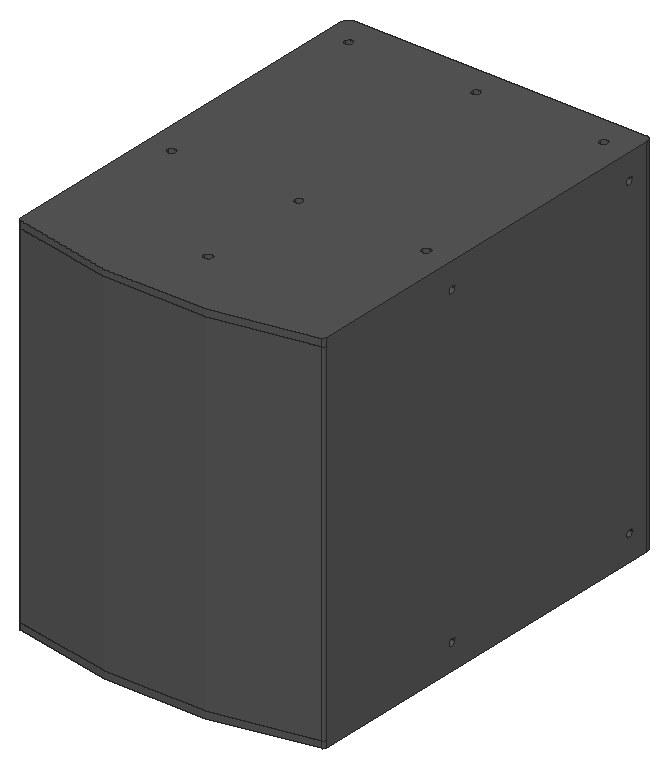
Revit family "1Electronics_Community_Biamp_Subwoofer_IS6-115WR", category Communication Devices, host Face, Revit 2020
Family settings
  Host = Face
  Maintain Annotation Orientation = No
  Round Connector Dimension = Use Diameter
  Part Type = Normal
  OmniClass Number = 23.85.10.11.14.14.14
  OmniClass Title = Loudspeakers
  Cut with Voids When Loaded = No
  Shared = No
  Room Calculation Point = No
Parameters (values of type "IS6-115WR B")
  Width = 16.50"  # constant formula
  Weight = 78.00 lbf  # constant formula
  URL = "https://www.biamp.com/"
  Transducers = "1 x 15 (381mm) double-treated cone with 4 (102mm) inner/outer wound voice coil, ferrite construction"  # constant formula
  Shipping Weight = 88.00 lbf  # constant formula
  Recommended Amplifiers = "Single Amp - 700W - 1400W @ 8 ohms,  (75V - 106V)"  # constant formula
  Product data url = "https://bimobject.com/biamp/product/is6-115wr_community-subwoofer"
  Product Page URL = "https://www.biamp.com/products/product-families/community/community-subwoofers#is6-115wr"
  Product Documentation Link = "https://www.biamp.com/products/product-families/community/community-subwoofers#is6-115wr"
  Operating Range = "37 Hz to 140 Hz  "  # constant formula
  Operating Mode = "Single Amp"  # constant formula
  Operating Environment = "Weather-Resistant Outdoor"  # constant formula
  Nominal Sensitivity = "Half Space - 1W: 102 dB - 2.83V: 102 dB; Whole Space - 1W: 96 dB - 2.83V: 96 dB"  # constant formula
  Nominal Maximum SPL = "Half Space - Peak: 136 dB - Continuous: 130 dB; Whole Space - Peak: 130 dB - Continuous: 124 dB"  # constant formula
  Mounting Points = "(22) M10 threaded rigging points"  # constant formula
  Model = "IS6-115WR B"
  Manufacturer = "Biamp"  # constant formula
  Input Connection = "Screw terminal blocks (4-position)"  # constant formula
  Housing Material = Biamp - Plastic - Black
  Height = 19.80078"  # constant formula
  Grill Material = Biamp - Plastic - Black(Grid)
  Equalized Sensitivity = "Half Space - 1W: 99 dB - 2.83V: 99 dB; Whole Space - 1W: 93 dB - 2.83V: 93 dB"  # constant formula
  Equalized Maximum SPL = "Half Space - Peak: 133 dB - Continuous: 127 dB; Whole Space - Peak: 127 dB - Continuous: 121 dB"  # constant formula
  Environmental = "Outdoor:  IP55W per IEC 60529 , MIL-STD-810G"  # constant formula
  Description = "IS6-115WR Medium Power Single 15-Inch Weather-Resistant Subwoofer"  # constant formula
  Depth = 23.35156"  # constant formula
  Default Elevation = 48.00"
  Continuous Power Handling  Nominal Impedance = "Single Amp - 75V, 700W @ 8 ohms (2800W peak)"  # constant formula
Types (4): name | Model | Housing Material | Grill Material
  (no name) | "IS6-115WR B" | Biamp - Plastic - Black | Biamp - Plastic - Black(Grid)
  IS6-115WR B | "IS6-115WR B" | Biamp - Plastic - Black | Biamp - Plastic - Black(Grid)
  IS6-115WR W | "IS6-115WR W" | Biamp - Plastic - White | Biamp - Plastic - White(Grid)
  IS6-115WR G | "IS6-115WR G" | Biamp - Plastic - Gray | Biamp - Plastic - Gray(Grid)
Reference planes (in)
  plane 1 "Center (Front/Back)": y = 0
  plane 2: z = 0
  plane 3 "Center (Left/Right)": x = 0
  plane 4: y = 11.67578
  plane 5: y = -11.67578
  plane 6: x = -8.25
  plane 7: x = 8.25
  plane 8: z = 19.80078
  plane 9: z = 9.90039
Forms (in)
  Extrusion 1, solid, material "Biamp - Plastic - Black" <- "Housing Material", detail levels medium+fine
    sketch origin (0, 0, 0) x (1, 0, 0) y (0, 1, 0)
      loop
        arc (-8.25, -10.30899) -> (-8.21259, -10.41709) -> (-8.11864, -10.48234) r 0.18443
        arc (-8.11864, -10.48234) -> (0, -11.67498) -> (8.11864, -10.48234) r 28.22936
        arc (8.11864, -10.48234) -> (8.21259, -10.41709) -> (8.25, -10.30899) r 0.18443
        line (8.25, -10.30899) -> (8.25, 11.30081)
        arc (8.25, 11.30081) -> (8.14016, 11.56599) -> (7.87498, 11.67583) r 0.37502
        line (7.87498, 11.67583) -> (-7.8751, 11.67583)
        arc (-7.8751, 11.67583) -> (-8.14471, 11.56152) -> (-8.25, 11.28828) r 0.3751
        line (-8.25, 11.28828) -> (-8.25, -10.30899)
    from 0 to 19.80078
  Extrusion 2, void
    sketch origin (0, 0, 0) x (1, 0, 0) y (0, 1, 0)
      loop
        circle (-6.87, 10.11578) r 0.21654
      loop
        circle (0, 10.11578) r 0.21654
      loop
        circle (-6.87, -1.85422) r 0.21654
      loop
        circle (0, -1.85422) r 0.21654
      loop
        circle (0, -7.97422) r 0.21654
      loop
        circle (6.87, 10.11578) r 0.21654
      loop
        circle (6.87, -1.85422) r 0.21654
    from 19.42578 to 19.80078
  Extrusion 3, void
    sketch origin (0, 0, 0) x (0, 1, 0) y (0, 0, 1)
      loop
        circle (10.11578, 1.38) r 0.21654
      loop
        circle (10.11578, 18.42) r 0.21654
      loop
        circle (-1.85422, 1.38) r 0.21654
      loop
        circle (-1.85422, 18.42) r 0.21654
    from 8.25 to 7.875
  Extrusion 4, void
    sketch origin (0, 0, 0) x (1, 0, 0) y (0, 0, 1)
      loop
        circle (0, 18.42078) r 0.21654
      loop
        circle (0, 1.38) r 0.21654
      loop
        line (2.005, 13.43039) -> (-2.005, 13.43039)
        arc (-2.005, 13.43039) -> (-2.09339, 13.39378) -> (-2.13, 13.30539) r 0.125
        line (-2.13, 13.30539) -> (-2.13, 6.49539)
        arc (-2.13, 6.49539) -> (-2.09339, 6.407) -> (-2.005, 6.37039) r 0.125
        line (-2.005, 6.37039) -> (2.005, 6.37039)
        arc (2.005, 6.37039) -> (2.09339, 6.407) -> (2.13, 6.49539) r 0.125
        line (2.13, 6.49539) -> (2.13, 13.30539)
        arc (2.13, 13.30539) -> (2.09339, 13.39378) -> (2.005, 13.43039) r 0.125
    from -11.67578 to -11.30078
  Extrusion 5, void
    sketch origin (0, 0, 0) x (0, 1, 0) y (0, 0, 1)
      loop
        line (-10.30899, 19.42578) -> (-11.67578, 19.42578) -> (-11.67578, 0.375) -> (-10.30899, 0.375) -> (-10.30899, 19.42578)
    from -8.25 to 8.25
  Extrusion 6, solid, material "Biamp - Plastic - Black(Grid)" <- "Grill Material", detail levels medium+fine
    sketch origin (0, 0, 0) x (1, 0, 0) y (0, 1, 0)
      loop
        arc (-8.25, -10.30899) -> (-8.21259, -10.41709) -> (-8.11864, -10.48234) r 0.18443
        arc (-8.11864, -10.48234) -> (0, -11.67498) -> (8.11864, -10.48234) r 28.22936
        arc (8.11864, -10.48234) -> (8.21259, -10.41709) -> (8.25, -10.30899) r 0.18443
        line (8.25, -10.30899) -> (-8.25, -10.30899)
    from 0.375 to 19.42578
  Extrusion 7, solid, material "Biamp - Plastic - Black" <- "Housing Material", detail levels medium+fine
    sketch origin (0, 0, 0) x (1, 0, 0) y (0, 0, 1)
      loop
        line (-0.5, 12.43039) -> (-0.5, 12.18039) -> (0.5, 12.18039) -> (0.5, 12.43039) -> (-0.5, 12.43039)
      loop
        line (-0.5, 11.43039) -> (-0.5, 11.18039) -> (0.5, 11.18039) -> (0.5, 11.43039) -> (-0.5, 11.43039)
    from -11.48828 to -11.30078
  Extrusion 8, void
    sketch origin (0, 0, -19.42578) x (0, -1, 0) y (1, 0, 0)
      loop
        circle (-10.11578, 6.87) r 0.21654
      loop
        circle (-10.11578, -6.87) r 0.21654
      loop
        circle (-10.11578, 0) r 0.21654
      loop
        circle (1.85422, 6.87) r 0.21654
      loop
        circle (1.85422, -6.87) r 0.21654
      loop
        circle (1.85422, 0) r 0.21654
      loop
        circle (7.97422, 0) r 0.21654
    from 19.42578 to 19.80078
  Extrusion 9, void
    sketch origin (1.65039, 0, 0) x (0, 1, 0) y (0, 0, -1)
      loop
        circle (10.11578, -1.38) r 0.21654
      loop
        circle (10.11578, -18.42) r 0.21654
      loop
        circle (-1.85422, -1.38) r 0.21654
      loop
        circle (-1.85422, -18.42) r 0.21654
    from 9.52539 to 9.90039
  Extrusion 10, solid, material "Biamp - Plastic - Black" <- "Housing Material", detail levels coarse
    sketch origin (0, 0, 0) x (1, 0, 0) y (0, 1, 0)
      loop
        arc (-7.8751, 11.67583) -> (-8.14471, 11.56152) -> (-8.25, 11.28828) r 0.3751
        line (-8.25, 11.28828) -> (-8.25, -10.30899)
        arc (-8.25, -10.30899) -> (-8.21259, -10.41709) -> (-8.11864, -10.48234) r 0.18443
        arc (-8.11864, -10.48234) -> (0, -11.67498) -> (8.11864, -10.48234) r 28.22936
        arc (8.11864, -10.48234) -> (8.21259, -10.41709) -> (8.25, -10.30899) r 0.18443
        line (8.25, -10.30899) -> (8.25, 11.30081)
        arc (8.25, 11.30081) -> (8.14016, 11.56599) -> (7.87498, 11.67583) r 0.37502
        line (7.87498, 11.67583) -> (-7.8751, 11.67583)
    from 0 to 19.80078
Cuts and joins
  Extrusion 2, Extrusion 3, Extrusion 4, Extrusion 5, Extrusion 8, Extrusion 9 cuts Extrusion 1
Lines and regions (in)
  Masking region 1
    outline origin (0, 0, 0) x (0, 1, 0) y (0, 0, 1)
      loop
        line (11.67578, 19.80078) -> (-11.67578, 19.80078) -> (-11.67578, 0) -> (11.67578, 0) -> (11.67578, 19.80078)
  Masking region 2
    outline origin (0, 0, 0) x (1, 0, 0) y (0, 0, 1)
      loop
        line (-8.25, 19.80078) -> (-8.25, 0) -> (8.25011, 0) -> (8.25011, 19.80078) -> (-8.25, 19.80078)
  Masking region 3
    outline origin (0, 0, 0) x (1, 0, 0) y (0, 1, 0)
      loop
        arc (8.11864, -10.48234) -> (8.21259, -10.41709) -> (8.25, -10.30899) r 0.18443
        line (8.25, -10.30899) -> (8.25, 11.30081)
        arc (8.25, 11.30081) -> (8.14016, 11.56599) -> (7.87498, 11.67583) r 0.37502
        line (7.87498, 11.67583) -> (-7.8751, 11.67583)
        arc (-7.8751, 11.67583) -> (-8.14471, 11.56152) -> (-8.25, 11.28828) r 0.3751
        line (-8.25, 11.28828) -> (-8.25, -10.30899)
        arc (-8.25, -10.30899) -> (-8.21259, -10.41709) -> (-8.11864, -10.48234) r 0.18443
        arc (-8.11864, -10.48234) -> (0, -11.67498) -> (8.11864, -10.48234) r 28.22936
  symbolic lines
    curve 1: arc (-6.65346, 10.11578, 0) -> (-6.87, 9.89925, 0) -> (-7.08654, 10.11578, 0) r 0.21654
    curve 2: arc (-7.08654, 10.11578, 0) -> (-6.87, 10.33232, 0) -> (-6.65346, 10.11578, 0) r 0.21654
    curve 3: arc (0.21654, 10.11578, 0) -> (0, 9.89925, 0) -> (-0.21654, 10.11578, 0) r 0.21654
    curve 4: arc (-0.21654, 10.11578, 0) -> (0, 10.33232, 0) -> (0.21654, 10.11578, 0) r 0.21654
    curve 5: arc (7.08654, 10.11578, 0) -> (6.87, 9.89925, 0) -> (6.65346, 10.11578, 0) r 0.21654
    curve 6: arc (6.65346, 10.11578, 0) -> (6.87, 10.33232, 0) -> (7.08654, 10.11578, 0) r 0.21654
    curve 7: arc (-6.65346, -1.85422, 0) -> (-6.87, -2.07075, 0) -> (-7.08654, -1.85422, 0) r 0.21654
    curve 8: arc (-7.08654, -1.85422, 0) -> (-6.87, -1.63768, 0) -> (-6.65346, -1.85422, 0) r 0.21654
    curve 9: arc (0.21654, -1.85422, 0) -> (0, -2.07075, 0) -> (-0.21654, -1.85422, 0) r 0.21654
    curve 10: arc (-0.21654, -1.85422, 0) -> (0, -1.63768, 0) -> (0.21654, -1.85422, 0) r 0.21654
    curve 11: arc (7.08654, -1.85422, 0) -> (6.87, -2.07075, 0) -> (6.65346, -1.85422, 0) r 0.21654
    curve 12: arc (6.65346, -1.85422, 0) -> (6.87, -1.63768, 0) -> (7.08654, -1.85422, 0) r 0.21654
    curve 13: arc (0.21654, -7.97422, 0) -> (0, -8.19075, 0) -> (-0.21654, -7.97422, 0) r 0.21654
    curve 14: arc (-0.21654, -7.97422, 0) -> (0, -7.75768, 0) -> (0.21654, -7.97422, 0) r 0.21654
    curve 15: line (0, -11.67578, 19.80078) -> (0, 11.67578, 19.80078)
    curve 16: line (0, -11.67578, 0) -> (0, -11.67578, 19.80078)
    curve 17: line (0, 11.67578, 0) -> (0, -11.67578, 0)
    curve 18: line (0, 11.67578, 19.80078) -> (0, 11.67578, 0)
    curve 19: arc (0, -1.63768, 18.42) -> (0, -1.85422, 18.20346) -> (0, -2.07075, 18.42) r 0.21654
    curve 20: arc (0, -2.07075, 18.42) -> (0, -1.85422, 18.63654) -> (0, -1.63768, 18.42) r 0.21654
    curve 21: arc (0, 10.33232, 18.42) -> (0, 10.11578, 18.20346) -> (0, 9.89925, 18.42) r 0.21654
    curve 22: arc (0, 9.89925, 18.42) -> (0, 10.11578, 18.63654) -> (0, 10.33232, 18.42) r 0.21654
    curve 23: arc (0, -1.63768, 1.38) -> (0, -1.85422, 1.16346) -> (0, -2.07075, 1.38) r 0.21654
    curve 24: arc (0, -2.07075, 1.38) -> (0, -1.85422, 1.59654) -> (0, -1.63768, 1.38) r 0.21654
    curve 25: arc (0, 10.33232, 1.38) -> (0, 10.11578, 1.16346) -> (0, 9.89925, 1.38) r 0.21654
    curve 26: arc (0, 9.89925, 1.38) -> (0, 10.11578, 1.59654) -> (0, 10.33232, 1.38) r 0.21654
    curve 27: line (0, -11.67578, 19.42578) -> (0, -9.83126, 19.42578)
    curve 28: line (0, -9.83126, 19.80078) -> (0, -9.83126, 0)
    curve 29: line (0, -9.83126, 0.375) -> (0, -11.67578, 0.375)
    curve 30: line (-8.25, 0, 19.80078) -> (8.25011, 0, 19.80078)
    curve 31: line (-8.25, 0, 0) -> (-8.25, 0, 19.80078)
    curve 32: line (8.25011, 0, 0) -> (-8.25, 0, 0)
    curve 33: line (8.25011, 0, 19.80078) -> (8.25011, 0, 0)
    curve 34: line (8.25011, 0, 19.42578) -> (-8.25, 0, 19.42578)
    curve 35: line (-8.25, 0, 0.375) -> (8.25011, 0, 0.375)
Dimensions and locks (in)
  equal spacing: plane 5, plane 1 "Center (Front/Back)", plane 4
  "Depth": plane 4 to plane 5
  equal spacing: plane 6, plane 3 "Center (Left/Right)", plane 7
  "Width": plane 6 to plane 7
  "Height": plane 8 to plane 2
  equal spacing: plane 8, plane 9, plane 2
  aligned and locked: plane 2 to host face
  aligned and locked: level to host face
  aligned and locked: plane 8 to Extrusion 1
  aligned and locked: plane 8 to Extrusion 2
  aligned and locked: Extrusion 4 to plane 4
  aligned and locked: plane 7 to Extrusion 3
  aligned and locked: plane 7 to Extrusion 5
  aligned and locked: Extrusion 5 to plane 6
Automatic sketch dimensions
  host sketch curve to host sketch curve = 96.00"  (x2)
  Extrusion 7 sketch curve to plane 3 "Center (Left/Right)" = 0.50"  (x2)
  plane 3 "Center (Left/Right)" to Extrusion 7 sketch curve = 0.50"  (x2)
  plane 9 to Extrusion 7 sketch curve = 1.28"
  Extrusion 7 sketch curve to Extrusion 7 sketch curve = 0.25"  (x2)
  Extrusion 7 sketch curve to Extrusion 7 sketch curve = 0.75"
  plane 1 "Center (Front/Back)" to Extrusion 3 sketch curve = 1.85422"  (x2)
  plane 4 to Extrusion 3 sketch curve = 1.56"  (x2)
  level to Extrusion 3 sketch curve = 1.38"  (x2)
  Extrusion 3 sketch curve to plane 8 = 1.38078"  (x2)
  Extrusion 4 sketch curve to plane 3 "Center (Left/Right)" = 0.00"  (x2)
  Extrusion 4 sketch curve to plane 3 "Center (Left/Right)" = 2.005"  (x2)
  Extrusion 4 sketch curve to Extrusion 4 sketch curve = 0.125"  (x2)
  plane 3 "Center (Left/Right)" to Extrusion 4 sketch curve = 2.005"  (x2)
  level to Extrusion 4 sketch curve = 1.38"
  Extrusion 4 sketch curve to plane 9 = 3.53"
  plane 9 to Extrusion 4 sketch curve = 3.405"
  Extrusion 4 sketch curve to plane 8 = 1.38"
  Extrusion 5 sketch curve to plane 5 = 0.00"
  level to Extrusion 5 sketch curve = 0.375"
  Extrusion 5 sketch curve to Extrusion 5 sketch curve = 1.36679"
  Extrusion 5 sketch curve to plane 8 = 0.375"
  Extrusion 8 sketch curve to plane 3 "Center (Left/Right)" = 0.00"  (x3)
  plane 4 to Extrusion 8 sketch curve = 1.56"  (x3)
  plane 1 "Center (Front/Back)" to Extrusion 8 sketch curve = 1.85422"  (x3)
  plane 5 to Extrusion 8 sketch curve = 3.70156"
  plane 6 to Extrusion 8 sketch curve = 1.38"  (x2)
  Extrusion 8 sketch curve to plane 7 = 1.38"  (x2)
  plane 1 "Center (Front/Back)" to Extrusion 9 sketch curve = 1.85422"  (x2)
  plane 4 to Extrusion 9 sketch curve = 1.56"  (x2)
  Extrusion 9 sketch curve to plane 8 = 1.38078"  (x2)
  level to Extrusion 9 sketch curve = 1.38"  (x2)
  Masking region 1 sketch curve to plane 5 = 0.00"
  Masking region 1 sketch curve to level = 0.00"
  Masking region 1 sketch curve to plane 4 = 0.00"
  Masking region 1 sketch curve to plane 8 = 0.00"
  curve 15 to plane 5 = 0.00"
  curve 28 to plane 8 = 0.00"
  curve 28 to level = 0.00"
  curve 17 to plane 4 = 0.00"
  plane 1 "Center (Front/Back)" to curve 19 = 1.85422"
  plane 1 "Center (Front/Back)" to curve 24 = 1.85422"
  plane 4 to curve 25 = 1.56"
  plane 4 to curve 22 = 1.56"
  level to curve 26 = 1.38"
  level to curve 24 = 1.38"
  curve 22 to plane 8 = 1.38078"
  curve 20 to plane 8 = 1.38078"
  level to curve 29 = 0.375"
  curve 15 to curve 28 = 1.84453"
  curve 23 to curve 23 = 0.21654"
  curve 20 to curve 19 = 0.21654"
  curve 22 to curve 21 = 0.21654"
  curve 26 to curve 25 = 0.21654"
  curve 27 to plane 8 = 0.375"
  Masking region 2 sketch curve to level = 0.00"
  Masking region 2 sketch curve to plane 6 = 0.00"
  Masking region 2 sketch curve to plane 8 = 0.00"
  plane 7 to Masking region 2 sketch curve = 0.00011"
  curve 35 to plane 6 = 0.00"
  curve 33 to level = 0.00"
  curve 30 to plane 8 = 0.00"
  plane 7 to curve 35 = 0.00011"
  curve 32 to curve 35 = 0.375"
  curve 34 to plane 8 = 0.375"
  curve 13 to plane 3 "Center (Left/Right)" = 0.00"
  curve 9 to plane 3 "Center (Left/Right)" = 0.00"
  curve 4 to plane 3 "Center (Left/Right)" = 0.00"
  plane 6 to curve 1 = 1.38"
  plane 6 to curve 8 = 1.38"
  curve 11 to plane 7 = 1.38"
  curve 5 to plane 7 = 1.38"
  plane 5 to curve 14 = 3.70156"
  plane 1 "Center (Front/Back)" to curve 12 = 1.85422"
  plane 1 "Center (Front/Back)" to curve 10 = 1.85422"
  plane 1 "Center (Front/Back)" to curve 7 = 1.85422"
  plane 4 to curve 6 = 1.56"
  plane 4 to curve 4 = 1.56"
  plane 4 to curve 2 = 1.56"
  curve 1 to curve 1 = 0.21654"
  curve 8 to curve 7 = 0.21654"
  curve 13 to curve 13 = 0.21654"
  curve 10 to curve 9 = 0.21654"
  curve 3 to curve 3 = 0.21654"
  curve 5 to curve 5 = 0.21654"
  curve 11 to curve 11 = 0.21654"
  Extrusion 2 sketch curve to plane 3 "Center (Left/Right)" = 0.00"  (x3)
  plane 6 to Extrusion 2 sketch curve = 1.38"  (x2)
  Extrusion 2 sketch curve to plane 7 = 1.38"  (x2)
  plane 5 to Extrusion 2 sketch curve = 3.70156"
  plane 1 "Center (Front/Back)" to Extrusion 2 sketch curve = 1.85422"  (x3)
  plane 4 to Extrusion 2 sketch curve = 1.56"  (x3)
  Extrusion 10 sketch curve to plane 3 "Center (Left/Right)" = 0.00"
  Extrusion 10 sketch curve to plane 4 = 0.00005"
  plane 6 to Extrusion 10 sketch curve = 0.3749"
  plane 6 to Extrusion 10 sketch curve = 0.00"
  Extrusion 10 sketch curve to plane 7 = 0.37502"
  Extrusion 10 sketch curve to plane 7 = 0.18441"
  Extrusion 10 sketch curve to plane 7 = 0.00"
  Extrusion 10 sketch curve to Extrusion 10 sketch curve = 0.3751"
  plane 5 to Extrusion 10 sketch curve = 1.37008"
  Extrusion 10 sketch curve to Extrusion 10 sketch curve = 0.00329"  (x2)
  plane 6 to Extrusion 10 sketch curve = 0.13136"
  Extrusion 10 sketch curve to Extrusion 10 sketch curve = 0.00"  (x2)
  Extrusion 10 sketch curve to plane 7 = 0.13136"
  Extrusion 1 sketch curve to plane 3 "Center (Left/Right)" = 0.00"
  plane 6 to Extrusion 1 sketch curve = 0.3749"
  plane 6 to Extrusion 1 sketch curve = 0.18441"
  plane 6 to Extrusion 1 sketch curve = 0.00"
  Extrusion 1 sketch curve to plane 4 = 0.00005"
  Extrusion 1 sketch curve to plane 7 = 0.37502"
  Extrusion 1 sketch curve to plane 7 = 0.18441"
  Extrusion 1 sketch curve to plane 7 = 0.00"
  Extrusion 1 sketch curve to Extrusion 1 sketch curve = 0.3751"
  plane 5 to Extrusion 1 sketch curve = 1.37008"  (x2)
  Extrusion 1 sketch curve to Extrusion 1 sketch curve = 0.00329"  (x2)
  Extrusion 1 sketch curve to plane 4 = 4.8786"
  Extrusion 1 sketch curve to Extrusion 1 sketch curve = 0.00"
  Extrusion 6 sketch curve to plane 3 "Center (Left/Right)" = 0.00"
  plane 6 to Extrusion 6 sketch curve = 0.18441"
  Extrusion 6 sketch curve to plane 7 = 0.18441"
  plane 5 to Extrusion 6 sketch curve = 1.37008"
  Extrusion 6 sketch curve to plane 4 = 4.8786"
  plane 6 to Extrusion 6 sketch curve = 0.13136"
  Extrusion 6 sketch curve to Extrusion 6 sketch curve = 0.00"  (x2)
  plane 6 to Extrusion 6 sketch curve = 0.00"
  Extrusion 6 sketch curve to plane 7 = 0.00"
  Masking region 3 sketch curve to plane 3 "Center (Left/Right)" = 0.00"
  Masking region 3 sketch curve to plane 4 = 0.00005"
  plane 6 to Masking region 3 sketch curve = 0.3749"
  plane 6 to Masking region 3 sketch curve = 0.18441"
  plane 6 to Masking region 3 sketch curve = 0.00"
  Masking region 3 sketch curve to plane 7 = 0.37502"
  Masking region 3 sketch curve to plane 7 = 0.18441"
  Masking region 3 sketch curve to plane 7 = 0.00"
  Masking region 3 sketch curve to Masking region 3 sketch curve = 0.3751"
  plane 5 to Masking region 3 sketch curve = 1.37008"  (x2)
  Masking region 3 sketch curve to Masking region 3 sketch curve = 0.00329"  (x2)
  Masking region 3 sketch curve to plane 4 = 4.8786"
  Masking region 3 sketch curve to Masking region 3 sketch curve = 0.00"
  radius of Extrusion 3 sketch curve = 0.21654"  (x4)
  radius of Extrusion 4 sketch curve = 0.21654"  (x2)
  radius of Extrusion 8 sketch curve = 0.21654"  (x7)
  radius of Extrusion 9 sketch curve = 0.21654"  (x4)
  radius of Extrusion 2 sketch curve = 0.21654"  (x7)
Connectors (in)
  electrical at (0.25, 11.48828, 12.30539)
    settings: on Extrusion 7, index 1, voltage 0 V, apparent load 0 VA, apparent load phase1 0 VA, apparent load phase2 0 VA, apparent load phase3 0 VA, power factor 1, load classification "Other", number of poles 1, system type 5, power factor state 1, is connector primary yes, connector utility no, sub classification motor no, connector description "Screw terminal blocks; LF Input"
  electrical at (0.25, 11.48828, 11.30539)
    settings: on Extrusion 7, index 2, voltage 0 V, apparent load 0 VA, apparent load phase1 0 VA, apparent load phase2 0 VA, apparent load phase3 0 VA, power factor 1, load classification "Other", number of poles 1, system type 5, power factor state 1, is connector primary no, connector utility no, sub classification motor no, connector description "Screw terminal blocks; LOOP Input"
  electrical at (-0.25, 11.48828, 12.30539)
    settings: on Extrusion 7, index 3, voltage 0 V, apparent load 0 VA, apparent load phase1 0 VA, apparent load phase2 0 VA, apparent load phase3 0 VA, power factor 1, load classification "Other", number of poles 1, system type 5, power factor state 1, is connector primary no, connector utility no, sub classification motor no, connector description "Screw terminal blocks; LF thru"
  electrical at (-0.25, 11.48828, 11.30539)
    settings: on Extrusion 7, index 4, voltage 0 V, apparent load 0 VA, apparent load phase1 0 VA, apparent load phase2 0 VA, apparent load phase3 0 VA, power factor 1, load classification "Other", number of poles 1, system type 5, power factor state 1, is connector primary no, connector utility no, sub classification motor no, connector description "Screw terminal blocks; LOOP thru"
